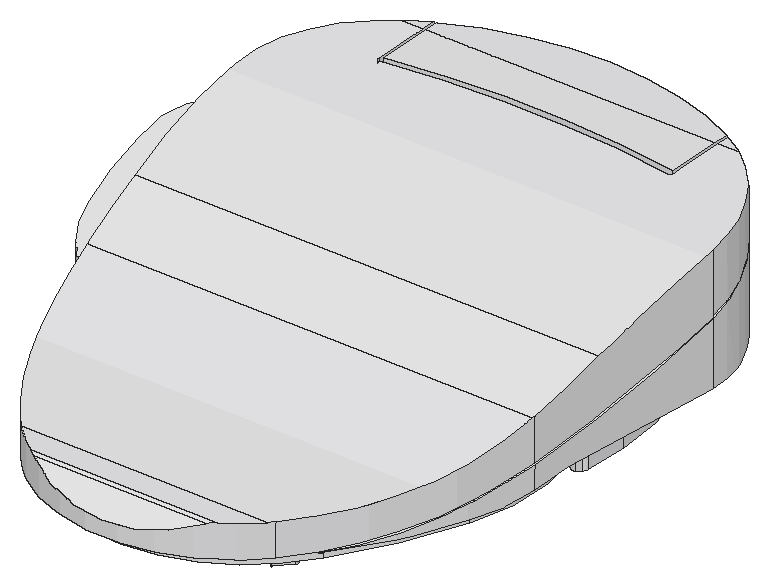
Revit family "Bidet_Seat-Elongated_Closed_Front-Cleansing-KOHLER-C3-149R-K-77817T_1", category Plumbing Fixtures, host Face, Revit 2017
Family settings
  Host = Face
  Round Connector Dimension = Use Diameter
  Part Type = Normal
  OmniClass Number = 23.31.19.19.17
  OmniClass Title = Water Closet Seats
  Cut with Voids When Loaded = No
  Shared = No
  Room Calculation Point = No
Parameters (values of type "0-White")
  Width = 17 163/256"  # constant formula
  WaterSense Certified = 1 = 0  # no
  Waste Water Outlet = "Waste Water Outlet"  # constant formula
  Waste Connection = 1 = 0  # no
  Voltage = 220 V  # constant formula
  Vent Connection = 1 = 0  # no
  URL = "http://www.kohler.com.cn/"
  Type = 1
  Product Page URL = "https://www.kohler.com.cn/product/K-77817T-0/K-77817T-0/"
  Product Name = "C3-149R"  # constant formula
  Product Documentation Link = "https://files.kohler.com.cn/pdfs/1518002013041_K-8298T-0_8998T_18649T.pdf"
  Pressure = 0.00 psi
  Model = "K-77817T-0"  # constant formula
  Material = "Plastic"  # constant formula
  Master Format 2014 Name = "Toilet, Bath, and Laundry Accessories"  # constant formula
  Master Format 2014 = "10 28 00"  # constant formula
  Manufacturer Address = "Kohler Beijing Office (100016) 36-2-03-B, No. 88, Liuxiang Road, Beijing"  # constant formula
  Manufacturer = "KOHLER Co."  # constant formula
  Length = 20 171/256"  # constant formula
  Hot Water Inlet = "Hot Water Inlet"  # constant formula
  Height = 5.11811"  # constant formula
  HW Connection = 1 = 0  # no
  Flow Rate = 0 GPM
  Finish = Kohler-Plastic-0-White
  Environmental Product Declaration = ""
  Electrical Note = "One Dedicated Circuit Required"  # constant formula
  Electrical Connector = 1 = 1  # yes
  Description = "Qingshubao Smart Toilet Cover"  # constant formula
  Default Elevation = 15"
  Declare Label = ""
  Date Modified = "06/25/2021"  # constant formula
  Date Created = "06/25/2021"  # constant formula
  Copyright = "Copyright KOHLER Co."  # constant formula
  Contact Us = "http://www.kohler.com.cn/contact/contact-us/"
  Cold Water Inlet = "Cold Water Inlet"  # constant formula
  CW Connection = 1 = 1  # yes
  Assembly Code = "C1030200"
  Apparent Load = 2200 VA  # constant formula
  ADA Compliant = 1 = 0  # no
Reference planes (in)
  plane 1 "Center (Front/Back)": y = 0
  plane 2: z = 0
  plane 3 "Center (Left/Right)": x = 0
  plane 4: x = -9.88135
  plane 5: x = 7.75537
  plane 6: x = -7.75537
  plane 7: y = 10.33398
  plane 8: y = -10.33398
  plane 9: y = -1.55578
  plane 10: z = 5.11811
  plane 11: z = 0.36061
  plane 12: z = 1.4236
  plane 13: z = -0.58427
  plane 14: z = 0
  plane 15: z = 0
  plane 16: z = 2.46875
  plane 17: z = 2.07504
  plane 18: y = 6.85229
  plane 19: x = -7.20804
Forms (in)
  Extrusion 1, void
    sketch origin (0, 0, 0) x (0, 1, 0) y (0, 0, 1)
      loop
        line (5.89834, 0) -> (3.76218, 0) -> (3.76218, -0.66167) -> (5.89834, -0.66167) -> (5.89834, 0)
    from -0.85559 to 0.84374
  Extrusion 2, void
    sketch origin (0, 0, 0) x (1, 0, 0) y (0, 1, 0)
      loop
        line (-3.58717, -7.94985) -> (-2.82128, -6.83302)
        arc (-2.82128, -6.83302) -> (-2.8006, -6.76373) -> (-2.82418, -6.69538) r 0.11811
        line (-2.82418, -6.69538) -> (-3.04006, -6.40739)
        arc (-3.04006, -6.40739) -> (-3.09953, -6.37596) -> (-3.16158, -6.40193) r 0.07874
        line (-3.16158, -6.40193) -> (-4.03487, -7.37183)
        arc (-4.03487, -7.37183) -> (-4.05507, -7.42245) -> (-4.03755, -7.47407) r 0.07874
        line (-4.03755, -7.47407) -> (-3.65023, -7.95236)
        arc (-3.65023, -7.95236) -> (-3.61807, -7.96692) -> (-3.58717, -7.94985) r 0.03937
      loop
        line (2.82128, -6.83302) -> (3.58717, -7.94985)
        arc (3.58717, -7.94985) -> (3.61807, -7.96692) -> (3.65023, -7.95236) r 0.03937
        line (3.65023, -7.95236) -> (4.03755, -7.47407)
        arc (4.03755, -7.47407) -> (4.05507, -7.42245) -> (4.03487, -7.37183) r 0.07874
        line (4.03487, -7.37183) -> (3.16158, -6.40193)
        arc (3.16158, -6.40193) -> (3.09953, -6.37596) -> (3.04006, -6.40739) r 0.07874
        line (3.04006, -6.40739) -> (2.82418, -6.69538)
        arc (2.82418, -6.69538) -> (2.8006, -6.76373) -> (2.82128, -6.83302) r 0.11811
    from -0.42803 to 0.63659
Dimensions and locks (in)
  "Width": plane 4 to plane 5
  "Length": plane 8 to plane 7
  equal spacing: plane 8, plane 1 "Center (Front/Back)", plane 7
  equal spacing: plane 6, plane 3 "Center (Left/Right)", plane 5
  locked: plane 4 to plane 6 at 2.12598
  plane 6 to plane 5 = 15.51073"
  locked: plane 9 to plane 7 at 11.88976
  "Height": level to plane 10
  plane 12 to level = 1.4236"
  plane 11 to level = 0.36061"
  level to plane 13 = 0.58427"
  aligned and locked: plane 2 to host face
  aligned and locked: level to host face
  aligned and locked: plane 3 "Center (Left/Right)" to nested 1
  aligned and locked: plane 1 "Center (Front/Back)" to nested 1
Automatic sketch dimensions
  host sketch curve to host sketch curve = 96"  (x2)
  Extrusion 1 sketch curve to level = 0"
  Extrusion 1 sketch curve to plane 18 = 3.0901"
  Extrusion 1 sketch curve to plane 13 = 0.07739"
  Extrusion 1 sketch curve to plane 18 = 0.95394"
  Extrusion 2 sketch curve to plane 19 = 3.17049"
  Extrusion 2 sketch curve to Extrusion 2 sketch curve = 0.00268"
  Extrusion 2 sketch curve to Extrusion 2 sketch curve = 0.06119"  (x2)
  Extrusion 2 sketch curve to Extrusion 2 sketch curve = 0.38731"
  Extrusion 2 sketch curve to Extrusion 2 sketch curve = 0.0306"  (x2)
  plane 8 to Extrusion 2 sketch curve = 2.38414"
  Extrusion 2 sketch curve to Extrusion 2 sketch curve = 0.03247"  (x2)
  Extrusion 2 sketch curve to Extrusion 2 sketch curve = 0.87329"
  Extrusion 2 sketch curve to Extrusion 2 sketch curve = 0.05852"  (x3)
  Extrusion 2 sketch curve to Extrusion 2 sketch curve = 0.063"  (x2)
  Extrusion 2 sketch curve to Extrusion 2 sketch curve = 0.18437"
  Extrusion 2 sketch curve to Extrusion 2 sketch curve = 0.09451"  (x2)
  Extrusion 2 sketch curve to Extrusion 2 sketch curve = 0.09741"
  Extrusion 2 sketch curve to Extrusion 2 sketch curve = 0.00251"  (x2)
  Extrusion 2 sketch curve to Extrusion 2 sketch curve = 0.47829"  (x2)
  Extrusion 2 sketch curve to Extrusion 2 sketch curve = 0.04955"  (x2)
  Extrusion 2 sketch curve to Extrusion 2 sketch curve = 0.59149"  (x2)
  Extrusion 2 sketch curve to Extrusion 2 sketch curve = 0.0668"  (x2)
  Extrusion 2 sketch curve to Extrusion 2 sketch curve = 0.3116"  (x2)
  Extrusion 2 sketch curve to Extrusion 2 sketch curve = 0.04723"  (x2)
  plane 3 "Center (Left/Right)" to Extrusion 2 sketch curve = 2.82128"
  Extrusion 2 sketch curve to Extrusion 2 sketch curve = 0.0029"
  Extrusion 2 sketch curve to Extrusion 2 sketch curve = 0.21588"
  Extrusion 2 sketch curve to Extrusion 2 sketch curve = 0.76589"
  Extrusion 2 sketch curve to Extrusion 2 sketch curve = 0.35672"
  plane 8 to Extrusion 2 sketch curve = 2.85992"
Nested families (in)
  nested 1: "K-77817T" at (0, 0, -0.62992), type "K-77817T"
Connectors (in)
  electrical at (-7.20826, 6.85166, 2.46875), driven by "Voltage", driven by "Apparent Load", driven by "Electrical Connector", driven by "Electrical Note"
    settings: on nested 1, index 1, voltage 220 V, apparent load 2200 VA, apparent load phase1 0 VA, apparent load phase2 0 VA, apparent load phase3 0 VA, power factor 1, load classification "Power", number of poles 1, system type 30, power factor state 1, is connector primary yes, connector utility yes, sub classification motor no, connector description "One Dedicated Circuit Required"
  piping at (-7.20826, 6.85166, 2.07504), diameter 0.5, driven by "Flow Rate", driven by "CW Connection", driven by "Cold Water Inlet"
    settings: on nested 1, index 2, connector inside diameter 24", connector length 0", flow factor 0, pipe flow 0 GPM, pressure drop 0.00 psi, fitting loss kfactor 0, connector angle 0.00°, fixture units 0, engagement length 0", angle of deflection 0.00°, flow configuration 0, flow direction 1, fitting loss method 0, system type 20, joint type 0, gender type 0, connector reference index -1, connector utility 1, adjustable connector no, is connector primary yes, connector description "Cold Water Inlet"
Definition of nested family "K-77817T"
  Parameters (values of type "K-77284T")
    Material = none
  Reference planes (in)
    plane 1 "Center (Front/Back)": y = 0
    plane 2: z = 0
    plane 3 "Center (Left/Right)": x = 0
    plane 4: x = 7.75591
    plane 5: x = -7.75591
    plane 6: y = 10.33465
    plane 7: y = -10.33465
    plane 8: x = -9.88189
    plane 9: z = 5.74803
    plane 10: z = 0.62992
    plane 11: z = 2.05352
    plane 12: z = 0.36061
    plane 13: y = -1.55512
    plane 14: z = 3.09867
    plane 15: z = 2.70497
  Forms (in)
    Extrusion 1, solid, material <- "Material", detail levels medium+fine
      sketch origin (0, 0, 0) x (1, 0, 0) y (0, 1, 0)
        loop
          arc (-4.1611, -8.43538) -> (0, -10.33465) -> (4.1611, -8.43538) r 5.50792
          arc (4.1611, -8.43538) -> (6.1734, -5.32654) -> (7.24698, -1.78229) r 13.25333
          arc (7.24698, -1.78229) -> (7.62848, 1.50716) -> (7.75591, 4.8162) r 43.03057
          spline (7.75591, 4.8162) -> (7.49156, 6.24503) -> (6.71674, 7.57536) -> (5.4842, 8.7181) -> (3.87777, 9.59517) -> (2.00733, 10.14659) -> (0, 10.33458) -> (-2.00732, 10.14656) -> (-3.87784, 9.5953) -> (-5.4841, 8.71838) -> (-6.71664, 7.57556) -> (-7.49152, 6.24469) -> (-7.75591, 4.8162)
          arc (-7.75591, 4.8162) -> (-7.62848, 1.50716) -> (-7.24698, -1.78229) r 43.03057
          arc (-7.24698, -1.78229) -> (-6.1734, -5.32654) -> (-4.1611, -8.43538) r 13.25333
      from 0.99806 to 5.74803
    Extrusion 2, void
      sketch origin (0, 0, 0) x (0, 1, 0) y (0, 0, 1)
        loop
          line (-9.43251, 2.05352) -> (-8.60086, 2.05352)
          arc (-8.60086, 2.05352) -> (-5.16909, 2.35718) -> (-1.84395, 3.25871) r 19.54405
          arc (-1.84395, 3.25871) -> (-0.67824, 3.69781) -> (0.481, 4.15373) r 86.12169
          arc (0.481, 4.15373) -> (4.52798, 5.3458) -> (8.72765, 5.74803) r 22.1254
          line (8.72765, 5.74803) -> (12.24934, 5.74803) -> (12.24934, 7.16535) -> (-11.37271, 7.16535) -> (-11.37271, 1.47352) -> (-10.33465, 1.47352) -> (-9.56676, 2.01119)
          arc (-9.56676, 2.01119) -> (-9.5029, 2.04269) -> (-9.43251, 2.05352) r 0.23406
      from -13.23151 to 11.10812
    Extrusion 3, void
      sketch origin (0, 0, 0) x (1, 0, 0) y (0, 1, 0)
        loop
          line (-4.79232, 9.63353) -> (-4.79232, 6.91421)
          arc (-4.79232, 6.91421) -> (-4.76926, 6.85853) -> (-4.71358, 6.83547) r 0.07874
          arc (-4.71358, 6.83547) -> (0, 7.15272) -> (4.71358, 6.83547) r 35.17403
          arc (4.71358, 6.83547) -> (4.76926, 6.85853) -> (4.79232, 6.91421) r 0.07874
          line (4.79232, 6.91421) -> (4.79232, 9.63353) -> (4.70977, 9.63353) -> (4.70977, 7.01709)
          arc (4.70977, 7.01709) -> (0, 7.35332) -> (-4.70977, 7.01709) r 33.154
          line (-4.70977, 7.01709) -> (-4.70977, 9.63353) -> (-4.79232, 9.63353)
      from 5.11346 to 8.77571
    Extrusion 4, solid, material <- "Material", detail levels medium+fine
      sketch origin (0, 0, 0) x (1, 0, 0) y (0, 1, 0)
        loop
          arc (-4.42629, -7.54412) -> (0.23535, -9.84584) -> (4.68689, -7.16021) r 5.41467
          arc (4.68689, -7.16021) -> (5.70383, -5.3598) -> (6.47059, -3.43946) r 15.41096
          arc (6.47059, -3.43946) -> (0, 5.45337) -> (-6.47059, -3.43946) r 6.80048
          arc (-6.47059, -3.43946) -> (-5.60196, -5.56825) -> (-4.42629, -7.54412) r 15.41096
        loop
          arc (-1.76588, -6.97058) -> (0.00015, -7.8686) -> (1.76619, -6.97058) r 2.18553
          arc (1.76619, -6.97058) -> (3.41428, -3.82058) -> (4.07249, -0.32695) r 12.06174
          arc (4.07249, -0.32695) -> (0, 3.90463) -> (-4.07249, -0.32695) r 4.07548
          arc (-4.07249, -0.32695) -> (-3.41428, -3.82058) -> (-1.76588, -6.97058) r 12.06174
      from 0.63622 to 1.55
    Extrusion 5, void
      sketch origin (0, 0, 0) x (0, 1, 0) y (0, 0, 1)
        loop
          line (-9.54724, 0.6362) -> (-9.54724, 0.36061) -> (10.76392, 0.36061) -> (10.76392, 1.35867) -> (-0.64333, 1.35867)
          arc (-0.64333, 1.35867) -> (-1.679, 1.17167) -> (-2.72027, 1.01891) r 31.91272
          arc (-2.72027, 1.01891) -> (-5.67278, 0.73198) -> (-8.63765, 0.6362) r 45.93796
          line (-8.63765, 0.6362) -> (-9.54724, 0.6362)
      from -9.84252 to 9.84252
    Extrusion 6, solid, material <- "Material", detail levels medium+fine
      sketch origin (0, 0, 0) x (1, 0, 0) y (0, 1, 0)
        loop
          line (-2.26156, 3.95799) -> (2.26156, 3.95799)
          arc (2.26156, 3.95799) -> (4.98122, 3.0196) -> (6.54353, 0.60376) r 4.41027
          arc (6.54353, 0.60376) -> (6.683, 0.3881) -> (6.92578, 0.30433) r 0.3937
          line (6.92578, 0.30433) -> (7.13441, 0.30433)
          arc (7.13441, 0.30433) -> (7.22308, 0.34106) -> (7.25981, 0.42973) r 0.12539
          line (7.25981, 0.42973) -> (7.25981, 1.82959)
          arc (7.25981, 1.82959) -> (0, 9.0894) -> (-7.25981, 1.82959) r 7.25981
          line (-7.25981, 1.82959) -> (-7.25981, 0.42973)
          arc (-7.25981, 0.42973) -> (-7.22308, 0.34106) -> (-7.13441, 0.30433) r 0.12539
          line (-7.13441, 0.30433) -> (-6.92578, 0.30433)
          arc (-6.92578, 0.30433) -> (-6.683, 0.3881) -> (-6.54353, 0.60376) r 0.3937
          arc (-6.54353, 0.60376) -> (-4.98122, 3.0196) -> (-2.26156, 3.95799) r 4.41027
      from 0.62992 to 1.35867
    Sweep 7, void
      path in 3D
        loop
          line (7.25981, 0.05794, 0.62992) -> (7.25981, 1.82959, 0.62992)
          arc (7.25981, 1.82959, 0.62992) -> (0, 9.0894, 0.62992) -> (-7.25981, 1.82959, 0.62992) r 7.25981
          line (-7.25981, 1.82959, 0.62992) -> (-7.25981, -0.2184, 0.62992)
      profile origin (0, 9.0894, 0.62992) x (0, 1, 0) y (0, 0, -1)
        loop
          line (0, 0) -> (-0.41994, 0) -> (0, -0.16615) -> (0, 0)
    Extrusion 8, void
      sketch origin (0, 0, 0) x (0, 1, 0) y (0, 0, 1)
        loop
          arc (9.15501, 5.11346) -> (9.01421, 4.69705) -> (8.64962, 4.45153) r 0.68617
          arc (8.64962, 4.45153) -> (2.52282, 2.89184) -> (-3.65438, 1.54552) r 182.31005
          arc (-3.65438, 1.54552) -> (-6.29738, 1.14613) -> (-8.96628, 0.99806) r 28.28005
          line (-8.96628, 0.99806) -> (-8.96628, 0.95239)
          arc (-8.96628, 0.95239) -> (-6.29289, 1.10068) -> (-3.64543, 1.50074) r 28.32572
          arc (-3.64543, 1.50074) -> (2.53331, 2.84739) -> (8.66165, 4.40747) r 182.35572
          arc (8.66165, 4.40747) -> (9.0504, 4.66942) -> (9.20053, 5.11346) r 0.7317
          line (9.20053, 5.11346) -> (9.15501, 5.11346)
      from -10.51441 to 9.84252
    Extrusion 9, solid, material <- "Material"
      sketch origin (0, 0, 0) x (1, 0, 0) y (0, 1, 0)
        loop
          line (-3.58717, -7.94985) -> (-2.82128, -6.83302)
          arc (-2.82128, -6.83302) -> (-2.8006, -6.76373) -> (-2.82418, -6.69538) r 0.11811
          line (-2.82418, -6.69538) -> (-3.04006, -6.40739)
          arc (-3.04006, -6.40739) -> (-3.09953, -6.37596) -> (-3.16158, -6.40193) r 0.07874
          line (-3.16158, -6.40193) -> (-4.03487, -7.37183)
          arc (-4.03487, -7.37183) -> (-4.05507, -7.42245) -> (-4.03755, -7.47407) r 0.07874
          line (-4.03755, -7.47407) -> (-3.65023, -7.95236)
          arc (-3.65023, -7.95236) -> (-3.61807, -7.96692) -> (-3.58717, -7.94985) r 0.03937
        loop
          arc (3.58717, -7.94985) -> (3.61807, -7.96692) -> (3.65023, -7.95236) r 0.03937
          line (3.65023, -7.95236) -> (4.03755, -7.47407)
          arc (4.03755, -7.47407) -> (4.05507, -7.42245) -> (4.03487, -7.37183) r 0.07874
          line (4.03487, -7.37183) -> (3.16158, -6.40193)
          arc (3.16158, -6.40193) -> (3.09953, -6.37596) -> (3.04006, -6.40739) r 0.07874
          line (3.04006, -6.40739) -> (2.82418, -6.69538)
          arc (2.82418, -6.69538) -> (2.8006, -6.76373) -> (2.82128, -6.83302) r 0.11811
          line (2.82128, -6.83302) -> (3.58717, -7.94985)
      from 0.36063 to 1.55
    Extrusion 10, solid, material <- "Material", detail levels medium+fine
      sketch origin (0, 0, 0.21297) x (0, 1, 0) y (0, 0, 1)
        loop
          arc (-2.39361, 0.48791) -> (-2.27889, 0.43518) -> (-2.15337, 0.42148) r 0.3937
          line (-2.15337, 0.42148) -> (-0.13671, 0.52717)
          arc (-0.13671, 0.52717) -> (-0.03555, 0.57115) -> (0.01193, 0.67071) r 0.15748
          line (0.01193, 0.67071) -> (0.05349, 1.1457) -> (-0.64333, 1.1457)
          arc (-0.64333, 1.1457) -> (-1.679, 0.95869) -> (-2.72027, 0.80594) r 31.91272
          arc (-2.72027, 0.80594) -> (-2.78174, 0.798) -> (-2.84321, 0.79014) r 45.93796
          line (-2.84321, 0.79014) -> (-2.39361, 0.48791)
      from 4.56709 to 6.44496
    Extrusion 11, solid, material <- "Material", detail levels medium+fine
      sketch origin (0, 0, 0.36061) x (0, 1, 0) y (0, 0, -1)
        loop
          line (-0.13671, -0.37953) -> (-2.15337, -0.27384)
          arc (-2.15337, -0.27384) -> (-2.27889, -0.28754) -> (-2.39361, -0.34027) r 0.3937
          line (-2.39361, -0.34027) -> (-3.0844, -0.80463) -> (0.07278, -1.21857) -> (0.01193, -0.52307)
          arc (0.01193, -0.52307) -> (-0.03555, -0.42352) -> (-0.13671, -0.37953) r 0.15748
      from 4.56709 to 6.44496
    Extrusion 12, solid, material <- "Material", detail levels medium+fine
      sketch origin (0, 0, 0) x (0, 1, 0) y (0, 0, 1)
        loop
          line (6.52211, 3.87117) -> (-1.53424, 1.6399)
          arc (-1.53424, 1.6399) -> (-1.54931, 1.62969) -> (-1.55512, 1.61245) r 0.02848
          line (-1.55512, 1.61245) -> (-1.55512, 1.52381)
          arc (-1.55512, 1.52381) -> (-1.5458, 1.50501) -> (-1.52519, 1.50105) r 0.02362
          line (-1.52519, 1.50105) -> (-1.48906, 1.51105) -> (-1.44456, 1.08759)
          arc (-1.44456, 1.08759) -> (-1.40488, 1.02156) -> (-1.3288, 1.00951) r 0.09113
          line (-1.3288, 1.00951) -> (6.06415, 3.1294)
          arc (6.06415, 3.1294) -> (6.28502, 3.26742) -> (6.39919, 3.5015) r 0.47244
          line (6.39919, 3.5015) -> (6.42444, 3.64474) -> (6.51892, 3.67183) -> (6.54966, 3.84613)
          arc (6.54966, 3.84613) -> (6.54278, 3.86625) -> (6.52211, 3.87117) r 0.02201
      from -10.56348 to -5.551
    Extrusion 13, void
      sketch origin (0, 0, 0) x (1, 0, 0) y (0, 1, 0)
        loop
          line (-6.89276, 6.78489) -> (-11.02662, 6.78489) -> (-11.02662, -1.55512) -> (-7.28161, -1.55512)
          arc (-7.28161, -1.55512) -> (-7.88353, -1.19172) -> (-8.43903, -0.76068) r 6.02524
          arc (-8.43903, -0.76068) -> (-9.12918, 0.05124) -> (-9.5525, 1.02914) r 3.61343
          arc (-9.5525, 1.02914) -> (-9.79919, 2.27548) -> (-9.88189, 3.54331) r 9.75979
          line (-9.88189, 3.54331) -> (-9.88189, 4.09677)
          arc (-9.88189, 4.09677) -> (-9.65858, 4.93018) -> (-9.04848, 5.54028) r 1.66682
          line (-9.04848, 5.54028) -> (-6.89276, 6.78489)
      from 0 to 9.84252
    Extrusion 14, solid, material <- "Material"
      sketch origin (0, 0, 0) x (0, 1, 0) y (0, 0, 1)
        loop
          line (5.84261, 0.62992) -> (4.05957, 0.62992) -> (4.05957, 0.22551) -> (4.01967, 0.22551) -> (4.01967, 0.14855) -> (4.27872, 0.04911)
          arc (4.27872, 0.04911) -> (4.34807, 0.02955) -> (4.41981, 0.02296) r 0.3937
          line (4.41981, 0.02296) -> (4.57874, 0.02296)
          arc (4.57874, 0.02296) -> (4.61548, 0.02882) -> (4.64858, 0.04582) r 0.11811
          line (4.64858, 0.04582) -> (4.83377, 0.18161)
          arc (4.83377, 0.18161) -> (4.85584, 0.19294) -> (4.88033, 0.19685) r 0.07874
          line (4.88033, 0.19685) -> (5.24585, 0.19685)
          arc (5.24585, 0.19685) -> (5.31229, 0.2084) -> (5.37094, 0.24171) r 0.19685
          line (5.37094, 0.24171) -> (5.84261, 0.62992)
      from -0.62921 to 0.55744
    Extrusion 15, solid, material <- "Material", detail levels coarse
      sketch origin (0, 0, 0) x (1, 0, 0) y (0, 1, 0)
        loop
          arc (-4.1611, -8.43538) -> (0, -10.33465) -> (4.1611, -8.43538) r 5.50792
          arc (4.1611, -8.43538) -> (6.1734, -5.32654) -> (7.24698, -1.78229) r 13.25333
          arc (7.24698, -1.78229) -> (7.62848, 1.50716) -> (7.75591, 4.8162) r 43.03057
          spline (7.75591, 4.8162) -> (7.49156, 6.24503) -> (6.71674, 7.57536) -> (5.4842, 8.7181) -> (3.87777, 9.59517) -> (2.00733, 10.14659) -> (0, 10.33458) -> (-2.00732, 10.14656) -> (-3.87784, 9.5953) -> (-5.4841, 8.71838) -> (-6.71664, 7.57556) -> (-7.49152, 6.24469) -> (-7.75591, 4.8162)
          arc (-7.75591, 4.8162) -> (-7.62848, 1.50716) -> (-7.24698, -1.78229) r 43.03057
          arc (-7.24698, -1.78229) -> (-6.1734, -5.32654) -> (-4.1611, -8.43538) r 13.25333
      from 0.62992 to 5.74803
    Extrusion 16, void
      sketch origin (0, 0, 0) x (0, 1, 0) y (0, 0, 1)
        loop
          line (-11.61776, 1.34062) -> (4.50398, 5.46003)
          arc (4.50398, 5.46003) -> (5.64019, 5.67575) -> (6.79444, 5.74803) r 9.25197
          line (6.79444, 5.74803) -> (6.79444, 6.85243) -> (-11.61776, 6.85243) -> (-11.61776, 1.34062)
      from -11.84352 to 9.84252
    Extrusion 17, solid, material <- "Material", detail levels coarse
      sketch origin (0, 0, 0) x (0, 1, 0) y (0, 0, 1)
        loop
          line (-1.48506, 0.9647) -> (6.68385, 3.3071) -> (6.52211, 3.87117) -> (-1.66224, 1.60445) -> (-1.48506, 0.9647)
      from -9.88189 to -4.79232
    Extrusion 18, solid, material <- "Material", detail levels medium+fine
      sketch origin (-4.96794, -3.6939, 0) x (0.5, 0.866025, 0) y (0, 0, 1)
        loop
          circle (8.01256, 3.09867) r 0.09843
        loop
          circle (8.01256, 2.70497) r 0.09843
      from -7.21296 to -7.15366
  Cuts and joins
    Extrusion 2, Extrusion 3, Extrusion 5, Extrusion 8 cuts Extrusion 1
    Sweep 7 cuts Extrusion 6
    joined: Extrusion 1, Extrusion 6, Extrusion 10, Extrusion 11
    Extrusion 13 cuts Extrusion 12
    joined: Extrusion 4, Extrusion 12
    Extrusion 16 cuts Extrusion 15
    joined: Extrusion 15, Extrusion 17
    joined: Extrusion 9, Extrusion 14
  Lines and regions (in)
    Masking region 1
      outline origin (0, 0, 0) x (1, 0, 0) y (0, 1, 0)
        loop
          arc (-4.1611, -8.43538) -> (0, -10.33465) -> (4.1611, -8.43538) r 5.50792
          arc (4.1611, -8.43538) -> (6.1734, -5.32654) -> (7.24698, -1.78229) r 13.25333
          arc (7.24698, -1.78229) -> (7.62848, 1.50716) -> (7.75591, 4.8162) r 43.03057
          spline (7.75591, 4.8162) -> (7.54099, 6.10628) -> (6.90817, 7.32486) -> (5.89251, 8.40441) -> (4.55029, 9.28512) -> (2.95589, 9.91815) -> (1.19769, 10.26845) -> (-0.62689, 10.31659) -> (-2.41672, 10.05991) -> (-4.07263, 9.51262) -> (-5.50283, 8.70507) -> (-6.62808, 7.682) -> (-7.386, 6.50011)
          line (-7.386, 6.50011) -> (-9.04848, 5.54028)
          arc (-9.04848, 5.54028) -> (-9.65858, 4.93018) -> (-9.88189, 4.09677) r 1.66682
          line (-9.88189, 4.09677) -> (-9.88189, 3.54331)
          arc (-9.88189, 3.54331) -> (-9.79919, 2.27548) -> (-9.5525, 1.02914) r 9.75979
          arc (-9.5525, 1.02914) -> (-9.12918, 0.05124) -> (-8.43903, -0.76068) r 3.61343
          arc (-8.43903, -0.76068) -> (-7.88284, -1.1922) -> (-7.28011, -1.55591) r 6.02524
          arc (-7.28011, -1.55591) -> (-6.22109, -5.22255) -> (-4.1611, -8.43538) r 13.25333
    Masking region 2
      outline origin (0, 0, 0) x (1, 0, 0) y (0, 0, 1)
        loop
          line (-9.88189, 3.19396) -> (-9.88189, 2.40656)
          spline (-9.88189, 2.40656) -> (-9.87959, 2.34549) -> (-9.87263, 2.28445) -> (-9.86101, 2.22346) -> (-9.84475, 2.16255) -> (-9.82384, 2.10175) -> (-9.7983, 2.04108) -> (-9.76814, 1.98058) -> (-9.73338, 1.92026) -> (-9.69402, 1.86016) -> (-9.65008, 1.8003) -> (-9.60159, 1.74071) -> (-9.54849, 1.68147)
          spline (-9.54849, 1.68147) -> (-9.49962, 1.6339) -> (-9.44263, 1.58701) -> (-9.37764, 1.54093) -> (-9.3048, 1.49574) -> (-9.22427, 1.45156) -> (-9.13623, 1.40848) -> (-9.04089, 1.36659) -> (-8.93845, 1.326) -> (-8.82914, 1.2868) -> (-8.71321, 1.24906) -> (-8.59093, 1.21289) -> (-8.46256, 1.17835)
          spline (-8.46256, 1.17835) -> (-8.39612, 1.16176) -> (-8.32878, 1.14544) -> (-8.26058, 1.1294) -> (-8.19153, 1.11364) -> (-8.12163, 1.09817) -> (-8.05091, 1.08298) -> (-7.97938, 1.06808) -> (-7.90705, 1.05348) -> (-7.83395, 1.03917) -> (-7.76009, 1.02516) -> (-7.68548, 1.01146) -> (-7.61015, 0.99806)
          line (-7.61015, 0.99806) -> (-7.26028, 0.99806) -> (-7.26028, 0.79626) -> (-6.83987, 0.62992) -> (-4.05509, 0.62992) -> (-4.05509, 0.36061) -> (-2.80057, 0.36061) -> (-2.80057, 0.62992) -> (-0.62921, 0.62992) -> (-0.62921, 0) -> (0.55744, 0) -> (0.55744, 0.62992) -> (2.80057, 0.62992) -> (2.80057, 0.36061) -> (4.05509, 0.36061) -> (4.05509, 0.63622) -> (6.85579, 0.63622) -> (7.26028, 0.79626) -> (7.26028, 0.99806)
          arc (7.26028, 0.99806) -> (7.61077, 1.14353) -> (7.75591, 1.49416) r 0.4961
          line (7.75591, 1.49416) -> (7.75591, 5.39954)
          spline (7.75591, 5.39954) -> (7.73615, 5.46586) -> (7.67937, 5.52425) -> (7.58528, 5.57513) -> (7.45575, 5.61849) -> (7.29327, 5.65437) -> (7.10076, 5.68327) -> (6.88117, 5.70585) -> (6.63719, 5.72279) -> (6.37156, 5.73479) -> (6.08741, 5.74255) -> (5.78725, 5.74676) -> (5.47074, 5.74803)
          line (5.47074, 5.74803) -> (-5.47104, 5.74803)
          spline (-5.47104, 5.74803) -> (-5.78753, 5.74676) -> (-6.08765, 5.74255) -> (-6.37175, 5.73479) -> (-6.63732, 5.72279) -> (-6.8812, 5.70585) -> (-7.10069, 5.68326) -> (-7.29315, 5.65436) -> (-7.45562, 5.61848) -> (-7.5852, 5.57512) -> (-7.67935, 5.52424) -> (-7.73616, 5.46585) -> (-7.75591, 5.39954)
          line (-7.75591, 5.39954) -> (-7.75591, 3.80593) -> (-9.07967, 3.59426)
          spline (-9.07967, 3.59426) -> (-9.19936, 3.57182) -> (-9.31158, 3.54678) -> (-9.41554, 3.51931) -> (-9.51049, 3.48962) -> (-9.59579, 3.4579) -> (-9.67081, 3.42439) -> (-9.73504, 3.38931) -> (-9.78801, 3.35293) -> (-9.82937, 3.31548) -> (-9.85881, 3.27724) -> (-9.87613, 3.23847) -> (-9.88121, 3.19945)
    Masking region 3
      outline origin (0, 0, 0) x (0, 1, 0) y (0, 0, 1)
        loop
          line (10.33465, 0.99806) -> (10.33465, 5.13131) -> (9.71792, 5.74803) -> (8.72765, 5.74803)
          arc (8.72765, 5.74803) -> (4.52798, 5.3458) -> (0.481, 4.15373) r 22.1254
          arc (0.481, 4.15373) -> (-0.64758, 3.70962) -> (-1.78229, 3.28145) r 86.12169
          arc (-1.78229, 3.28145) -> (-5.48656, 2.30497) -> (-9.30912, 2.05352) r 19.97649
          line (-9.30912, 2.05352) -> (-9.5444, 2.05352)
          arc (-9.5444, 2.05352) -> (-9.59175, 2.04624) -> (-9.63472, 2.02504) r 0.15748
          line (-9.63472, 2.02504) -> (-10.21481, 1.61886)
          arc (-10.21481, 1.61886) -> (-10.27323, 1.55455) -> (-10.29827, 1.47134) r 0.19685
          line (-10.29827, 1.47134) -> (-10.33465, 0.95116) -> (-9.85064, 0.95116) -> (-9.85064, 0.71494)
          arc (-9.85064, 0.71494) -> (-9.82758, 0.65926) -> (-9.7719, 0.6362) r 0.07874
          line (-9.7719, 0.6362) -> (-8.63765, 0.6362)
          arc (-8.63765, 0.6362) -> (-8.3033, 0.63742) -> (-7.96897, 0.64107) r 45.93796
          line (-7.96897, 0.64107) -> (-7.77259, 0.36061) -> (-6.45833, 0.36061) -> (-6.39119, 0.62992) -> (-6.00687, 0.62992)
          arc (-6.00687, 0.62992) -> (-4.23466, 0.68505) -> (-2.46931, 0.85021) r 28.51502
          line (-2.46931, 0.85021) -> (-2.34085, 0.76385)
          arc (-2.34085, 0.76385) -> (-2.13118, 0.66415) -> (-1.90156, 0.62992) r 0.7874
          line (-1.90156, 0.62992) -> (0.01267, 0.62992) -> (0.05773, 1.14497)
          arc (0.05773, 1.14497) -> (3.11114, 1.98523) -> (6.06415, 3.1294) r 31.33592
          arc (6.06415, 3.1294) -> (3.31449, 1.89212) -> (0.42643, 1.02575) r 22.9642
          arc (0.42643, 1.02575) -> (0.33859, 0.97043) -> (0.30433, 0.87243) r 0.15731
          line (0.30433, 0.87243) -> (0.30433, 0.62992) -> (4.05957, 0.62992) -> (4.05957, 0.22551) -> (4.01967, 0.22551) -> (4.01967, 0.14855) -> (4.27872, 0.04911)
          arc (4.27872, 0.04911) -> (4.34807, 0.02955) -> (4.41981, 0.02296) r 0.3937
          line (4.41981, 0.02296) -> (4.57874, 0.02296)
          arc (4.57874, 0.02296) -> (4.61548, 0.02882) -> (4.64858, 0.04582) r 0.11811
          line (4.64858, 0.04582) -> (4.83377, 0.18161)
          arc (4.83377, 0.18161) -> (4.85584, 0.19294) -> (4.88033, 0.19685) r 0.07874
          line (4.88033, 0.19685) -> (5.24585, 0.19685)
          arc (5.24585, 0.19685) -> (5.31229, 0.2084) -> (5.37094, 0.24171) r 0.19685
          line (5.37094, 0.24171) -> (5.84261, 0.62992) -> (8.66946, 0.62992) -> (9.0894, 0.79607) -> (9.0894, 0.99806)
          arc (9.0894, 0.99806) -> (9.25066, 1.15932) -> (9.41192, 0.99806) r 0.16126
          line (9.41192, 0.99806) -> (10.33465, 0.99806)
    sketch lines
      curve 1: arc (7.25981, 1.82959, 0.62992) -> (0, 9.0894, 0.62992) -> (-7.25981, 1.82959, 0.62992) r 7.25981
      curve 2: line (-7.25981, -0.2184, 0.62992) -> (-7.25981, 1.82959, 0.62992)
      curve 3: line (7.25981, 1.82959, 0.62992) -> (7.25981, 0.05794, 0.62992)
    symbolic lines, detail levels medium+fine
      curve 4: arc (-7.75591, 4.8162, 0) -> (-7.62848, 1.50716, 0) -> (-7.24698, -1.78229, 0) r 43.03057
      curve 5: line (7.75591, 4.8162, 0) -> (-7.75591, 4.8162, 0)
      curve 6: line (-4.79232, 9.15501, 0) -> (-4.79232, 6.91421, 0)
      curve 7: line (-4.70977, 7.01709, 0) -> (-4.70977, 9.20053, 0)
      curve 8: arc (4.70977, 7.01709, 0) -> (0, 7.35332, 0) -> (-4.70977, 7.01709, 0) r 33.154
      curve 9: arc (-4.79232, 6.91421, 0) -> (-4.76926, 6.85853, 0) -> (-4.71358, 6.83547, 0) r 0.07874
      curve 10: line (4.79232, 6.91421, 0) -> (4.79232, 9.1548, 0)
      curve 11: line (4.70977, 9.20032, 0) -> (4.70977, 7.01709, 0)
      curve 12: arc (-4.71358, 6.83547, 0) -> (0, 7.15272, 0) -> (4.71358, 6.83547, 0) r 35.17403
      curve 13: arc (4.71358, 6.83547, 0) -> (4.76926, 6.85853, 0) -> (4.79232, 6.91421, 0) r 0.07874
      curve 14: arc (-4.70977, 9.07348, 0) -> (-2.62006, 9.90798, 0) -> (-0.39625, 10.25139, 0) r 9.94597
      curve 15: arc (-4.70977, 8.91072, 0) -> (0, 9.99975, 0) -> (4.70977, 8.91072, 0) r 10.72881
      curve 16: line (-7.50699, 6.20296, 0) -> (-8.95006, 5.3698, 0)
      curve 17: arc (-8.95006, 5.3698, 0) -> (-9.4881, 4.83176, 0) -> (-9.68504, 4.09677, 0) r 1.46997
      curve 18: line (-9.68504, 4.09677, 0) -> (-9.68504, 3.54331, 0)
      curve 19: arc (-9.68504, 3.54331, 0) -> (-9.60401, 2.30105, 0) -> (-9.3623, 1.07985, 0) r 9.56294
      curve 20: arc (-9.3623, 1.07985, 0) -> (-8.618, -0.30605, 0) -> (-7.33163, -1.21155, 0) r 3.41658
      curve 21: arc (-7.67717, 4.8162, 0) -> (-7.54998, 1.51321, 0) -> (-7.16917, -1.77021, 0) r 42.95183
      curve 22: arc (-7.16917, -1.77021, 0) -> (-6.10197, -5.29341, 0) -> (-4.10162, -8.38379, 0) r 13.17459
      curve 23: arc (-4.10162, -8.38379, 0) -> (0, -10.25591, 0) -> (4.10162, -8.38379, 0) r 5.42918
      curve 24: arc (4.10162, -8.38379, 0) -> (6.10197, -5.29341, 0) -> (7.16917, -1.77021, 0) r 13.17459
      curve 25: arc (7.16917, -1.77021, 0) -> (7.54998, 1.51321, 0) -> (7.67717, 4.8162, 0) r 42.95183
      curve 26: arc (-3.89047, -8.09047, 0) -> (-1.01817, -9.55198, 0) -> (2.18146, -9.16657, 0) r 5.53722
      curve 27: arc (-5.19581, -6.2525, 0) -> (-4.62945, -7.23278, 0) -> (-3.89047, -8.09047, 0) r 6.05361
      curve 28: arc (-7.18953, 4.8162, 0) -> (-6.89381, -0.84444, 0) -> (-5.19581, -6.2525, 0) r 22.54978
      curve 29: arc (-4.79232, 8.26557, 0) -> (-6.46223, 6.86843, 0) -> (-7.18953, 4.8162, 0) r 4.12983
      curve 30: arc (5.19581, -6.2525, 0) -> (4.62945, -7.23278, 0) -> (3.89047, -8.09047, 0) r 6.05361
      curve 31: arc (7.18953, 4.8162, 0) -> (6.89381, -0.84444, 0) -> (5.19581, -6.2525, 0) r 22.54978
      curve 32: arc (4.79232, 8.26557, 0) -> (6.46223, 6.86843, 0) -> (7.18953, 4.8162, 0) r 4.12983
      curve 33: arc (2.18146, -9.16657, 0) -> (3.07553, -8.69135, 0) -> (3.89047, -8.09047, 0) r 6.90415
      curve 34: line (-0.39625, 10.33465, 0) -> (0.39115, 10.33465, 0)
      curve 35: line (-0.39625, 10.1378, 0) -> (-0.39625, 10.33465, 0)
      curve 36: line (0.39115, 10.1378, 0) -> (-0.39625, 10.1378, 0)
      curve 37: line (0.39115, 10.33465, 0) -> (0.39115, 10.1378, 0)
      curve 38: arc (0.39115, 10.25159, 0) -> (2.6176, 9.90865, 0) -> (4.70977, 9.07348, 0) r 9.94597
      curve 39: arc (-4.70977, 9.07348, 0) -> (-6.80803, 7.3732, 0) -> (-7.67717, 4.8162, 0) r 4.86816
      curve 40: arc (4.70977, 9.07348, 0) -> (6.80803, 7.3732, 0) -> (7.67717, 4.8162, 0) r 4.86816
      curve 41: spline (-7.24685, 0, 3.64175) -> (-7.27611, 0, 3.71273) -> (-7.30449, 0, 3.7842) -> (-7.33199, 0, 3.85616) -> (-7.35862, 0, 3.92862) -> (-7.38436, 0, 4.00157) -> (-7.40922, 0, 4.07501) -> (-7.4332, 0, 4.14894) -> (-7.4563, 0, 4.22335) -> (-7.47851, 0, 4.29825) -> (-7.49984, 0, 4.37364) -> (-7.52029, 0, 4.4495) -> (-7.53985, 0, 4.52584)
      curve 42: spline (-6.86274, 0, 3.029) -> (-6.90357, 0, 3.07807) -> (-6.94281, 0, 3.12751) -> (-6.98046, 0, 3.17733) -> (-7.0165, 0, 3.22753) -> (-7.05095, 0, 3.27809) -> (-7.08378, 0, 3.32901) -> (-7.11501, 0, 3.38028) -> (-7.14462, 0, 3.43191) -> (-7.17261, 0, 3.48387) -> (-7.19898, 0, 3.53617) -> (-7.22373, 0, 3.5888) -> (-7.24685, 0, 3.64175)
      curve 43: line (-4.10033, 0, 2.05352) -> (-6.86274, 0, 3.029)
      curve 44: line (0, 0, 1.55007) -> (-4.59326, 0, 1.55007)
      curve 45: arc (-4.59326, 0, 1.55007) -> (-6.5367, 0, 2.17301) -> (-7.75586, 0, 3.80967) r 3.34303
      curve 46: spline (-7.24698, 0, 1.92988) -> (-7.2215, 0, 1.89661) -> (-7.1941, 0, 1.86356) -> (-7.16479, 0, 1.83072) -> (-7.13356, 0, 1.7981) -> (-7.10043, 0, 1.7657) -> (-7.0654, 0, 1.73353) -> (-7.02847, 0, 1.70159) -> (-6.98965, 0, 1.66988) -> (-6.94894, 0, 1.63842) -> (-6.90635, 0, 1.6072) -> (-6.86189, 0, 1.57623) -> (-6.81556, 0, 1.54552)
      curve 47: spline (-7.62265, 0, 2.59115) -> (-7.64403, 0, 2.6562) -> (-7.66355, 0, 2.72173) -> (-7.68119, 0, 2.78772) -> (-7.69697, 0, 2.85417) -> (-7.71088, 0, 2.92108) -> (-7.72292, 0, 2.98846) -> (-7.73309, 0, 3.05628) -> (-7.74138, 0, 3.12456) -> (-7.74781, 0, 3.19329) -> (-7.75237, 0, 3.26246) -> (-7.75505, 0, 3.33208) -> (-7.75586, 0, 3.40213)
      curve 48: line (-6.81556, 0, 1.54552) -> (-4.11517, 0, 0.99806)
      curve 49: line (-7.62265, 0, 0.99806) -> (7.25981, 0, 0.99806)
      curve 50: spline (-9.54874, 0, 2.34607) -> (-9.49986, 0, 2.30009) -> (-9.44286, 0, 2.25478) -> (-9.37787, 0, 2.21024) -> (-9.30503, 0, 2.16658) -> (-9.22451, 0, 2.12388) -> (-9.13649, 0, 2.08226) -> (-9.04116, 0, 2.0418) -> (-8.93875, 0, 2.00259) -> (-8.82949, 0, 1.96472) -> (-8.71361, 0, 1.92828) -> (-8.59138, 0, 1.89335) -> (-8.46309, 0, 1.86)
      curve 51: spline (-8.46309, 0, 1.86) -> (-8.37529, 0, 1.83892) -> (-8.28595, 0, 1.81829) -> (-8.19512, 0, 1.79814) -> (-8.10283, 0, 1.77847) -> (-8.00911, 0, 1.75928) -> (-7.914, 0, 1.74059) -> (-7.81754, 0, 1.7224) -> (-7.71976, 0, 1.70472) -> (-7.6207, 0, 1.68755) -> (-7.52039, 0, 1.6709) -> (-7.41888, 0, 1.65479) -> (-7.31621, 0, 1.6392)
      curve 52: spline (-9.88189, 0, 3.04617) -> (-9.87959, 0, 2.9872) -> (-9.87263, 0, 2.92826) -> (-9.86102, 0, 2.86937) -> (-9.84477, 0, 2.81056) -> (-9.82388, 0, 2.75185) -> (-9.79836, 0, 2.69327) -> (-9.76822, 0, 2.63485) -> (-9.73348, 0, 2.57662) -> (-9.69414, 0, 2.51859) -> (-9.65024, 0, 2.46079) -> (-9.60179, 0, 2.40326) -> (-9.5488, 0, 2.34601)
      curve 53: spline (-7.40359, 0, 1.51105) -> (-7.41037, 0, 1.47513) -> (-7.41712, 0, 1.4392) -> (-7.42386, 0, 1.40327) -> (-7.43057, 0, 1.36733) -> (-7.43727, 0, 1.3314) -> (-7.44395, 0, 1.29545) -> (-7.45061, 0, 1.25951) -> (-7.45725, 0, 1.22356) -> (-7.46387, 0, 1.18761) -> (-7.47047, 0, 1.15165) -> (-7.47705, 0, 1.11569) -> (-7.48362, 0, 1.07973)
      curve 54: line (-7.28161, 0, 1.61387) -> (-7.28161, 0, 1.5218)
      curve 55: spline (-7.31621, 0, 1.6392) -> (-7.3126, 0, 1.63891) -> (-7.30903, 0, 1.63824) -> (-7.30553, 0, 1.63722) -> (-7.30213, 0, 1.63583) -> (-7.29886, 0, 1.6341) -> (-7.29574, 0, 1.63204) -> (-7.2928, 0, 1.62967) -> (-7.29006, 0, 1.627) -> (-7.28756, 0, 1.62406) -> (-7.2853, 0, 1.62088) -> (-7.28331, 0, 1.61747) -> (-7.28161, 0, 1.61387)
      curve 56: spline (-7.32791, 0, 1.49958) -> (-7.33424, 0, 1.50053) -> (-7.34057, 0, 1.50147) -> (-7.34689, 0, 1.50242) -> (-7.35321, 0, 1.50337) -> (-7.35952, 0, 1.50433) -> (-7.36583, 0, 1.50528) -> (-7.37214, 0, 1.50624) -> (-7.37844, 0, 1.5072) -> (-7.38473, 0, 1.50816) -> (-7.39102, 0, 1.50912) -> (-7.39731, 0, 1.51008) -> (-7.40359, 0, 1.51105)
      curve 57: spline (-7.28161, 0, 1.5218) -> (-7.28449, 0, 1.51798) -> (-7.28765, 0, 1.51445) -> (-7.29105, 0, 1.51124) -> (-7.29467, 0, 1.50837) -> (-7.29848, 0, 1.50587) -> (-7.30245, 0, 1.50374) -> (-7.30655, 0, 1.50202) -> (-7.31075, 0, 1.50072) -> (-7.31502, 0, 1.49983) -> (-7.31932, 0, 1.49938) -> (-7.32362, 0, 1.49936) -> (-7.32788, 0, 1.49977)
      curve 58: spline (-7.48362, 0, 1.07973) -> (-7.49263, 0, 1.06828) -> (-7.5023, 0, 1.0576) -> (-7.51258, 0, 1.04776) -> (-7.52342, 0, 1.03881) -> (-7.53476, 0, 1.03079) -> (-7.54653, 0, 1.02375) -> (-7.55867, 0, 1.01773) -> (-7.57112, 0, 1.01276) -> (-7.58382, 0, 1.00887) -> (-7.59668, 0, 1.00607) -> (-7.60965, 0, 1.00439) -> (-7.62265, 0, 1.00382)
      curve 59: line (-0.62921, 0, 0.14855) -> (0.55189, 0, 0.14855)
      curve 60: line (-0.62921, 0, 0.62992) -> (0.55744, 0, 0.62992)
      curve 61: spline (7.24685, 0, 3.64175) -> (7.27611, 0, 3.71273) -> (7.30449, 0, 3.7842) -> (7.33199, 0, 3.85616) -> (7.35862, 0, 3.92862) -> (7.38436, 0, 4.00157) -> (7.40922, 0, 4.07501) -> (7.4332, 0, 4.14894) -> (7.4563, 0, 4.22335) -> (7.47851, 0, 4.29825) -> (7.49984, 0, 4.37364) -> (7.52029, 0, 4.4495) -> (7.53985, 0, 4.52584)
      curve 62: spline (6.86274, 0, 3.029) -> (6.90357, 0, 3.07807) -> (6.94281, 0, 3.12751) -> (6.98046, 0, 3.17733) -> (7.0165, 0, 3.22753) -> (7.05095, 0, 3.27809) -> (7.08378, 0, 3.32901) -> (7.11501, 0, 3.38028) -> (7.14462, 0, 3.43191) -> (7.17261, 0, 3.48387) -> (7.19898, 0, 3.53617) -> (7.22373, 0, 3.5888) -> (7.24685, 0, 3.64175)
      curve 63: line (4.10033, 0, 2.05352) -> (6.86274, 0, 3.029)
      curve 64: line (0, 0, 1.55007) -> (4.59326, 0, 1.55007)
      curve 65: arc (4.59326, 0, 1.55007) -> (6.5367, 0, 2.17301) -> (7.75586, 0, 3.80967) r 3.34303
      curve 66: spline (7.24698, 0, 1.92988) -> (7.2215, 0, 1.89661) -> (7.1941, 0, 1.86356) -> (7.16479, 0, 1.83072) -> (7.13356, 0, 1.7981) -> (7.10043, 0, 1.7657) -> (7.0654, 0, 1.73353) -> (7.02847, 0, 1.70159) -> (6.98965, 0, 1.66988) -> (6.94894, 0, 1.63842) -> (6.90635, 0, 1.6072) -> (6.86189, 0, 1.57623) -> (6.81556, 0, 1.54552)
      curve 67: spline (7.24867, 0, 1.88544) -> (7.32977, 0, 2.00182) -> (7.40384, 0, 2.12008) -> (7.47086, 0, 2.24022) -> (7.53084, 0, 2.3622) -> (7.58376, 0, 2.48601) -> (7.6296, 0, 2.61163) -> (7.66837, 0, 2.73904) -> (7.70005, 0, 2.86821) -> (7.72465, 0, 2.99913) -> (7.74215, 0, 3.13177) -> (7.75255, 0, 3.26611) -> (7.75586, 0, 3.40213)
      curve 68: line (6.81556, 0, 1.54552) -> (4.11517, 0, 0.99806)
      curve 69: spline (-4.70977, 0, 5.68181) -> (-3.92889, 0, 5.68976) -> (-3.14579, 0, 5.69628) -> (-2.36091, 0, 5.70134) -> (-1.57468, 0, 5.70497) -> (-0.78756, 0, 5.70714) -> (0, 0, 5.70787) -> (0.78756, 0, 5.70714) -> (1.57468, 0, 5.70497) -> (2.36091, 0, 5.70134) -> (3.14579, 0, 5.69628) -> (3.92889, 0, 5.68976) -> (4.70977, 0, 5.68181)
      curve 70: spline (-4.71342, 0, 5.66697) -> (-4.72373, 0, 5.66703) -> (-4.73386, 0, 5.6672) -> (-4.74364, 0, 5.66747) -> (-4.75291, 0, 5.66786) -> (-4.76149, 0, 5.66834) -> (-4.76925, 0, 5.66891) -> (-4.77606, 0, 5.66956) -> (-4.78179, 0, 5.67028) -> (-4.78635, 0, 5.67106) -> (-4.78965, 0, 5.67188) -> (-4.79165, 0, 5.67273) -> (-4.79231, 0, 5.67359)
      curve 71: line (-4.70977, 0, 5.68181) -> (-4.70977, 0, 5.74848)
      curve 72: line (-4.79232, 0, 5.67359) -> (-4.79232, 0, 5.74803)
      curve 73: line (-4.71342, 0, 5.66697) -> (4.7144, 0, 5.66697)
      curve 74: spline (4.79231, 0, 5.67359) -> (4.79166, 0, 5.67275) -> (4.78969, 0, 5.67192) -> (4.78644, 0, 5.67112) -> (4.78195, 0, 5.67036) -> (4.77631, 0, 5.66964) -> (4.7696, 0, 5.669) -> (4.76194, 0, 5.66843) -> (4.75347, 0, 5.66794) -> (4.74432, 0, 5.66754) -> (4.73465, 0, 5.66725) -> (4.72462, 0, 5.66706) -> (4.7144, 0, 5.66697)
      curve 75: line (4.79232, 0, 5.74803) -> (4.79232, 0, 5.67359)
      curve 76: line (4.70977, 0, 5.74803) -> (4.70977, 0, 5.66697)
      curve 77: line (-2.80057, 0, 0.62992) -> (-4.05509, 0, 0.62992)
      curve 78: arc (-6.60825, 0, 0.62992) -> (-6.7639, 0, 0.7829) -> (-6.80044, 0, 0.99806) r 0.35446
      curve 79: line (-7.75586, 0, 3.40213) -> (-7.75586, 0, 4.09312)
      curve 80: line (-4.10033, 0, 2.05352) -> (4.10033, 0, 2.05352)
      curve 81: arc (6.60825, 0, 0.62992) -> (6.7639, 0, 0.7829) -> (6.80044, 0, 0.99806) r 0.35446
      curve 82: line (0, 10.33465, 5.13131) -> (0, 8.36614, 5.13131)
      curve 83: arc (0, 8.36614, 5.13131) -> (0, 4.95877, 4.73405) -> (0, 1.73418, 3.56356) r 14.81132
      curve 84: arc (0, -5.10733, 1.69105) -> (0, -7.64755, 1.58843) -> (0, -10.18938, 1.63667) r 42.8417
      curve 85: arc (0, -4.64863, 1.57368) -> (0, -7.47095, 1.43913) -> (0, -10.29601, 1.49026) r 42.99324
      curve 86: arc (0, 8.36614, 4.97973) -> (0, 4.93501, 4.57255) -> (0, 1.69448, 3.37361) r 14.65974
      curve 87: line (0, 10.33465, 4.97973) -> (0, 8.36614, 4.97973)
      curve 88: line (0, 6.20079, 0.62992) -> (0, 3.81558, 0.62992)
      curve 89: line (0, 9.0894, 0.99806) -> (0, 0.36697, 0.99806)
      curve 90: line (0, 9.0894, 0.79607) -> (0, 0.30433, 0.79607)
      curve 91: line (0, 9.15501, 5.74803) -> (0, 9.15501, 5.13131)
      curve 92: line (0, 9.20053, 5.13131) -> (0, 9.20053, 5.74803)
      curve 93: arc (0, 9.14185, 4.97973) -> (0, 8.97082, 4.64565) -> (0, 8.64962, 4.45153) r 0.68617
      curve 94: arc (0, 8.64962, 4.45153) -> (0, 8.06225, 4.29216) -> (0, 7.47436, 4.13476) r 182.31005
      curve 95: arc (0, 7.56922, 4.11275) -> (0, 8.11566, 4.25926) -> (0, 8.66165, 4.40747) r 182.35572
      curve 96: arc (0, 8.66165, 4.40747) -> (0, 9.00726, 4.61784) -> (0, 9.18821, 4.97973) r 0.73159
      curve 97: arc (0, -1.55512, 1.61276) -> (0, 3.00267, 2.87877) -> (0, 7.56922, 4.11275) r 673.93876
      curve 98: arc (0, -1.60332, 1.64666) -> (0, 2.93117, 2.90656) -> (0, 7.47436, 4.13476) r 673.98446
      curve 99: line (0, -9.8493, 0.99681) -> (0, -10.33465, 0.99681)
      curve 100: arc (0, 9.26635, 4.97973) -> (0, 9.1039, 4.58666) -> (0, 8.71134, 4.42296) r 0.55678
      curve 101: arc (0, 9.20053, 5.31952) -> (0, 9.24974, 5.15279) -> (0, 9.26635, 4.97973) r 0.90996
      curve 102: line (0, -1.3288, 1.00951) -> (0, 6.06415, 3.1294)
      curve 103: arc (0, 6.06415, 3.1294) -> (0, 6.28502, 3.26742) -> (0, 6.39919, 3.5015) r 0.47244
      curve 104: line (0, 6.42444, 3.64474) -> (0, 6.51892, 3.67183)
      curve 105: line (0, 6.39919, 3.5015) -> (0, 6.42444, 3.64474)
      curve 106: line (0, -1.48906, 1.51105) -> (0, -1.44456, 1.08759)
      curve 107: arc (0, -1.55512, 1.52381) -> (0, -1.5458, 1.50501) -> (0, -1.52519, 1.50105) r 0.02362
      curve 108: line (0, -1.52519, 1.50105) -> (0, -1.48906, 1.51105)
      curve 109: line (0, -1.55512, 1.61276) -> (0, -1.55512, 1.52381)
      curve 110: arc (0, -1.44456, 1.08759) -> (0, -1.40488, 1.02156) -> (0, -1.3288, 1.00951) r 0.09113
      curve 111: arc (0, 6.51892, 3.67183) -> (0, 6.58596, 3.74676) -> (0, 6.54741, 3.83962) r 0.09439
      curve 112: arc (0, 6.06415, 3.1294) -> (0, 3.00313, 2.10085) -> (0, -0.09616, 1.19409) r 81.67916
      curve 113: line (0, 6.42444, 3.64474) -> (0, -1.48906, 1.51105)
      curve 114: circle (0, 2.78446, 1.26445) r 0.26639 normal (1, 0, 0)
      curve 115: circle (0, 2.78452, 1.26307) r 0.19685 normal (1, 0, 0)
      curve 116: arc (0, -0.09616, 1.19409) -> (0, -0.17236, 1.24913) -> (0, -0.2274, 1.32533) r 0.29522
      curve 117: line (0, -1.44456, 1.08759) -> (0, -1.44456, 0.96974)
      curve 118: line (0, -7.80006, 0.39984) -> (0, -6.44855, 0.39984)
      curve 119: line (0, -2.24342, 0.708) -> (0, 0.0195, 0.708)
      curve 120: line (0, 5.29526, 0.25591) -> (0, 5.74968, 0.62992)
      curve 121: line (0, 4.83523, 0.25591) -> (0, 5.29526, 0.25591)
      curve 122: line (0, 4.59807, 0.08201) -> (0, 4.83523, 0.25591)
      curve 123: line (0, 4.35779, 0.08201) -> (0, 4.59807, 0.08201)
      curve 124: line (0, 4.11862, 0.17382) -> (0, 4.35779, 0.08201)
      curve 125: line (0, 4.11862, 0.62992) -> (0, 4.11862, 0.17382)
      curve 126: line (0, 1.84625, 1.86141) -> (0, 1.60752, 1.79745)
      curve 127: line (0, 1.60752, 1.79745) -> (0, 1.6244, 1.73445)
      curve 128: line (0, 1.6244, 1.73445) -> (0, 1.84625, 1.79389)
      curve 129: line (0, 1.84625, 1.79389) -> (0, 1.84625, 1.86141)
      curve 130: line (-7.40359, 0, 1.51105) -> (-8.34064, 0, 1.69291)
      curve 131: arc (-8.34064, 0, 1.69291) -> (-8.9515, 0, 1.87154) -> (-9.51892, 0, 2.1598) r 3.4347
      curve 132: arc (-9.51892, 0, 2.1598) -> (-9.76481, 0, 2.40511) -> (-9.88189, 0, 2.73211) r 0.79088
      curve 133: line (-7.32788, 0, 1.49977) -> (-6.73733, 0, 1.49977)
      curve 134: line (-7.31621, 0, 1.6392) -> (-6.94998, 0, 1.6392)
      curve 135: arc (0, 1.73418, 3.56356) -> (0, -1.59401, 2.28909) -> (0, -5.10733, 1.69105) r 18.11024
      curve 136: arc (0, -4.64863, 1.57368) -> (0, -1.3886, 2.16184) -> (0, 1.69448, 3.37361) r 16.92913
      curve 137: arc (0, -1.60332, 1.64666) -> (0, -5.71353, 1.15953) -> (0, -9.8493, 0.99681) r 52.64177
      curve 138: arc (0, -1.55512, 1.60808) -> (0, -5.68989, 1.11558) -> (0, -9.85064, 0.95114) r 52.68744
      curve 139: line (0, -2.46931, 0.85021) -> (0, 0.05773, 1.14497)
      curve 140: line (0, -6.39119, 0.62992) -> (0, -7.96897, 0.64107)
      curve 141: line (0, -9.85064, 0.71494) -> (0, -6.39059, 0.71494)
      curve 142: arc (0, -6.39059, 0.71494) -> (0, -3.91429, 0.77868) -> (0, -1.44456, 0.96974) r 48.13305
      curve 143: arc (-7.53985, 0, 4.52584) -> (-7.64837, 0, 4.96257) -> (-7.75591, 0, 5.39954) r 200.39616
      curve 144: arc (7.53985, 0, 4.52584) -> (7.64837, 0, 4.96257) -> (7.75591, 0, 5.39954) r 200.39616
      curve 145: line (2.80057, 0, 0.62992) -> (4.05509, 0, 0.62992)
      curve 146: arc (-7.24698, 0, 1.92988) -> (-7.4655, 0, 2.24308) -> (-7.62265, 0, 2.59115) r 2.06629
  Dimensions and locks (in)
    plane 9 to plane 10 = 5.11811"
    plane 11 to level = 2.05352"
    plane 12 to level = 0.36061"
    plane 6 to plane 7 = 20.66929"
    plane 8 to plane 4 = 17.6378"
    plane 10 to level = 0.62992"
    aligned and locked: plane 2 to level
